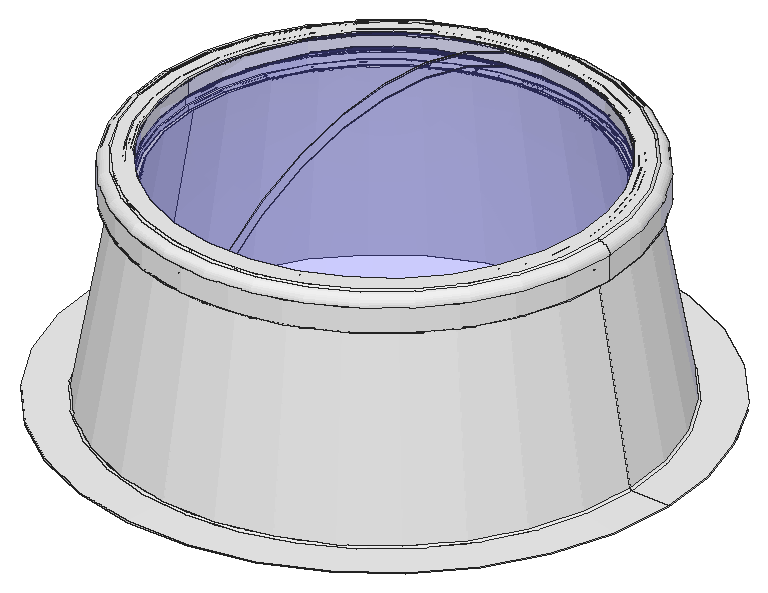
Revit family "Windows_Roof-Windows_Lamilux_F100_Round-Rooflight-Dome", category Windows, host Roof, Revit 2014
Parameters (values of type "120x50")
  Youtube clip = ""
  Width = 1200 mm
  Weight Net (Kg) = 0
  Uniformat II Description = ""
  Uniformat II Code = ""
  Uniclass 2015 Name = "Glass unit masonry roof light systems"
  Uniclass 2015 Code = "Ss_30_30_34"
  Uniclass 2.0 Description = "Roof Light Systems"
  Uniclass 2.0 Code = "SS-20-30-74"
  Uniclass 1.4 Description = "Rooflights/Roof windows"
  Uniclass 1.4 Code = "JL11"
  UNSPSC Code = "301516"
  Technical description = ""
  Sound insulation (dB) [instance] = "24"  # constant formula
  Rough Height = Height  # 500 mm
  Region South America = "All"
  Region Oceania = "All"
  Region North America = "All"
  Region Middle East = "All"
  Region Europe = "All"
  Region Asia = "All"
  Region Antarctica = "All"
  Region Africa = "All"
  QR code = "http://bimobject.com/lamilux/product/Lamilux_F100_round_rooflight_dome"
  Product url = "http://www.lamilux.com/daylight-systems/daylight-elements.html"
  Product group = "Flat roof window"
  Product family = "Daylight element"
  Product data url = "https://bimobject.com/lamilux/product/Lamilux_F100_round_rooflight_dome"
  Product certification = ""
  Product SKU = "Lamilux_F100_round_rooflight_dome"
  Product Guid = "27e34379-d33d-40e5-a061-853b4fca5549"
  Option 9 = Material : SAN + PC16
  Option 8 = Material : PETG
  Option 7 = Material : SAN
  Option 6 = External Glazing : Heatstop
  Option 5 = External Glazing : Opal
  Option 4 = External Glazing : Clear
  Option 17 = Mid Glazing : None
  Option 16 = Mid Glazing : Opal
  Option 15 = Internal Glazing : PC16 opal
  Option 14 = Internal Glazing : PC16 clear
  Option 13 = Internal Glazing : Opal
  Option 12 = Internal Glazing : Clear
  Option 11 = Mid Glazing : Clear
  Option 10 = Material : PETG + PC16
  Operator Visibility [instance] = Opening Type = Opening Types Option 1  # no
  Opening Types Option 1 [instance] = Opening Type : Air Opening
  Opening Type [instance] = Opening Type : Fixed
  OmniClass Description = "Skylights "
  OmniClass Code = "23-17 17 00"
  Nominal width = 0
  Nominal height = 0
  NBS Reference Description = "Roof Light Systems"
  NBS Reference Code = "20-30-74"
  Mid glazing [instance] = Mid Glazing : None
  Material secondary = "Plastic"
  Material main = "Plastic"
  Material [instance] = Material : SAN
  Masterformat 2014 Description = ""
  Masterformat 2014 Code = ""
  Manufacturer name = "LAMILUX"
  Manufacturer country = "Germany"
  Light transmission (%) [instance] = if(and(Glass Type = Option 1, Material = Option 7, External glazing = Option 5, Mid glazing = Option 17, Internal glazing = Option 13), "70", if(and(Glass Type = Option 1, Material = Option 7, External glazing = Option 5, Mid glazing = Option 17, Internal glazing = Option 12), "78", if(and(Glass Type = Option 1, Material = Option 7, External glazing = Option 4, Mid glazing = Option 17, Internal glazing = Option 13), "86", if(and(Glass Type = Option 1, Material = Option 7, External glazing = Option 6, Mid glazing = Option 17, Internal glazing = Option 13), "49", if(and(Glass Type = Option 1, Material = Option 7, External glazing = Option 6, Mid glazing = Option 17, Internal glazing = Option 12), "54", if(and(Glass Type = Option 1, Material = Option 8, External glazing = Option 5, Mid glazing = Option 17, Internal glazing = Option 13), "56", if(and(Glass Type = Option 1, Material = Option 8, External glazing = Option 5, Mid glazing = Option 17, Internal glazing = Option 12), "66", if(and(Glass Type = Option 1, Material = Option 8, External glazing = Option 4, Mid glazing = Option 17, Internal glazing = Option 12), "77", if(and(Glass Type = Option 2, Material = Option 7, External glazing = Option 5, Mid glazing = Option 16, Internal glazing = Option 13), "59", if(and(Glass Type = Option 2, Material = Option 7, External glazing = Option 5, Mid glazing = Option 11, Internal glazing = Option 13), "66", if(and(Glass Type = Option 2, Material = Option 7, External glazing = Option 5, Mid glazing = Option 11, Internal glazing = Option 12), "73", if(and(Glass Type = Option 2, Material = Option 7, External glazing = Option 4, Mid glazing = Option 11, Internal glazing = Option 12), "80", if(and(Glass Type = Option 2, Material = Option 7, External glazing = Option 6, Mid glazing = Option 16, Internal glazing = Option 13), "41", if(and(Glass Type = Option 2, Material = Option 7, External glazing = Option 6, Mid glazing = Option 11, Internal glazing = Option 13), "45", if(and(Glass Type = Option 2, Material = Option 7, External glazing = Option 6, Mid glazing = Option 11, Internal glazing = Option 12), "50", if(and(Glass Type = Option 2, Material = Option 8, External glazing = Option 5, Mid glazing = Option 16, Internal glazing = Option 13), "42", if(and(Glass Type = Option 2, Material = Option 8, External glazing = Option 5, Mid glazing = Option 11, Internal glazing = Option 13), "50", if(and(Glass Type = Option 2, Material = Option 8, External glazing = Option 5, Mid glazing = Option 11, Internal glazing = Option 12), "58", if(and(Glass Type = Option 2, Material = Option 8, External glazing = Option 4, Mid glazing = Option 11, Internal glazing = Option 12), "68", if(and(Glass Type = Option 3, Material = Option 9, External glazing = Option 5, Mid glazing = Option 11, Internal glazing = Option 15), "39", if(and(Glass Type = Option 3, Material = Option 9, External glazing = Option 4, Mid glazing = Option 11, Internal glazing = Option 14), "53", if(and(Glass Type = Option 3, Material = Option 9, External glazing = Option 5, Mid glazing = Option 11, Internal glazing = Option 14), "50", if(and(Glass Type = Option 3, Material = Option 10, External glazing = Option 5, Mid glazing = Option 11, Internal glazing = Option 15), "32", if(and(Glass Type = Option 3, Material = Option 10, External glazing = Option 4, Mid glazing = Option 11, Internal glazing = Option 14), "45", if(and(Glass Type = Option 3, Material = Option 10, External glazing = Option 5, Mid glazing = Option 11, Internal glazing = Option 14), "39", "Not available")))))))))))))))))))))))))  # "78"
  Internal glazing [instance] = Internal Glazing : Clear
  Installation instructions = ""
  IFC Classification = "Window"
  Heat transmission (W/m²K]) [instance] = if(and(Glass Type = Option 1, Material = Option 7, External glazing = Option 5, Mid glazing = Option 17, Internal glazing = Option 13), "2.3", if(and(Glass Type = Option 1, Material = Option 7, External glazing = Option 5, Mid glazing = Option 17, Internal glazing = Option 12), "2.3", if(and(Glass Type = Option 1, Material = Option 7, External glazing = Option 4, Mid glazing = Option 17, Internal glazing = Option 13), "2.3", if(and(Glass Type = Option 1, Material = Option 7, External glazing = Option 6, Mid glazing = Option 17, Internal glazing = Option 13), "2.3", if(and(Glass Type = Option 1, Material = Option 7, External glazing = Option 6, Mid glazing = Option 17, Internal glazing = Option 12), "2.3", if(and(Glass Type = Option 1, Material = Option 8, External glazing = Option 5, Mid glazing = Option 17, Internal glazing = Option 13), "2.3", if(and(Glass Type = Option 1, Material = Option 8, External glazing = Option 5, Mid glazing = Option 17, Internal glazing = Option 12), "2.3", if(and(Glass Type = Option 1, Material = Option 8, External glazing = Option 4, Mid glazing = Option 17, Internal glazing = Option 12), "2.3", if(and(Glass Type = Option 2, Material = Option 7, External glazing = Option 5, Mid glazing = Option 16, Internal glazing = Option 13), "1.6", if(and(Glass Type = Option 2, Material = Option 7, External glazing = Option 5, Mid glazing = Option 11, Internal glazing = Option 13), "1.6", if(and(Glass Type = Option 2, Material = Option 7, External glazing = Option 5, Mid glazing = Option 11, Internal glazing = Option 12), "1.6", if(and(Glass Type = Option 2, Material = Option 7, External glazing = Option 4, Mid glazing = Option 11, Internal glazing = Option 12), "1.6", if(and(Glass Type = Option 2, Material = Option 7, External glazing = Option 6, Mid glazing = Option 16, Internal glazing = Option 13), "1.6", if(and(Glass Type = Option 2, Material = Option 7, External glazing = Option 6, Mid glazing = Option 11, Internal glazing = Option 13), "1.6", if(and(Glass Type = Option 2, Material = Option 7, External glazing = Option 6, Mid glazing = Option 11, Internal glazing = Option 12), "1.6", if(and(Glass Type = Option 2, Material = Option 8, External glazing = Option 5, Mid glazing = Option 16, Internal glazing = Option 13), "1.4", if(and(Glass Type = Option 2, Material = Option 8, External glazing = Option 5, Mid glazing = Option 11, Internal glazing = Option 13), "1.4", if(and(Glass Type = Option 2, Material = Option 8, External glazing = Option 5, Mid glazing = Option 11, Internal glazing = Option 12), "1.4", if(and(Glass Type = Option 2, Material = Option 8, External glazing = Option 4, Mid glazing = Option 11, Internal glazing = Option 12), "1.4", if(and(Glass Type = Option 3, Material = Option 9, External glazing = Option 5, Mid glazing = Option 11, Internal glazing = Option 15), "1.2", if(and(Glass Type = Option 3, Material = Option 9, External glazing = Option 4, Mid glazing = Option 11, Internal glazing = Option 14), "1.2", if(and(Glass Type = Option 3, Material = Option 9, External glazing = Option 5, Mid glazing = Option 11, Internal glazing = Option 14), "1.2", if(and(Glass Type = Option 3, Material = Option 10, External glazing = Option 5, Mid glazing = Option 11, Internal glazing = Option 15), "1.3", if(and(Glass Type = Option 3, Material = Option 10, External glazing = Option 4, Mid glazing = Option 11, Internal glazing = Option 14), "1.3", if(and(Glass Type = Option 3, Material = Option 10, External glazing = Option 5, Mid glazing = Option 11, Internal glazing = Option 14), "1.3", "Not available")))))))))))))))))))))))))  # "2.3"
  External glazing [instance] = External Glazing : Opal
  Energy transmission (%) [instance] = if(and(Glass Type = Option 1, Material = Option 7, External glazing = Option 5, Mid glazing = Option 17, Internal glazing = Option 13), "70", if(and(Glass Type = Option 1, Material = Option 7, External glazing = Option 5, Mid glazing = Option 17, Internal glazing = Option 12), "78", if(and(Glass Type = Option 1, Material = Option 7, External glazing = Option 4, Mid glazing = Option 17, Internal glazing = Option 13), "86", if(and(Glass Type = Option 1, Material = Option 7, External glazing = Option 6, Mid glazing = Option 17, Internal glazing = Option 13), "37", if(and(Glass Type = Option 1, Material = Option 7, External glazing = Option 6, Mid glazing = Option 17, Internal glazing = Option 12), "41", if(and(Glass Type = Option 1, Material = Option 8, External glazing = Option 5, Mid glazing = Option 17, Internal glazing = Option 13), "56", if(and(Glass Type = Option 1, Material = Option 8, External glazing = Option 5, Mid glazing = Option 17, Internal glazing = Option 12), "66", if(and(Glass Type = Option 1, Material = Option 8, External glazing = Option 4, Mid glazing = Option 17, Internal glazing = Option 12), "77", if(and(Glass Type = Option 2, Material = Option 7, External glazing = Option 5, Mid glazing = Option 16, Internal glazing = Option 13), "59", if(and(Glass Type = Option 2, Material = Option 7, External glazing = Option 5, Mid glazing = Option 11, Internal glazing = Option 13), "66", if(and(Glass Type = Option 2, Material = Option 7, External glazing = Option 5, Mid glazing = Option 11, Internal glazing = Option 12), "73", if(and(Glass Type = Option 2, Material = Option 7, External glazing = Option 4, Mid glazing = Option 11, Internal glazing = Option 12), "80", if(and(Glass Type = Option 2, Material = Option 7, External glazing = Option 6, Mid glazing = Option 16, Internal glazing = Option 13), "31", if(and(Glass Type = Option 2, Material = Option 7, External glazing = Option 6, Mid glazing = Option 11, Internal glazing = Option 13), "34", if(and(Glass Type = Option 2, Material = Option 7, External glazing = Option 6, Mid glazing = Option 11, Internal glazing = Option 12), "38", if(and(Glass Type = Option 2, Material = Option 8, External glazing = Option 5, Mid glazing = Option 16, Internal glazing = Option 13), "42", if(and(Glass Type = Option 2, Material = Option 8, External glazing = Option 5, Mid glazing = Option 11, Internal glazing = Option 13), "50", if(and(Glass Type = Option 2, Material = Option 8, External glazing = Option 5, Mid glazing = Option 11, Internal glazing = Option 12), "58", if(and(Glass Type = Option 2, Material = Option 8, External glazing = Option 4, Mid glazing = Option 11, Internal glazing = Option 12), "68", if(and(Glass Type = Option 3, Material = Option 9, External glazing = Option 5, Mid glazing = Option 11, Internal glazing = Option 15), "39", if(and(Glass Type = Option 3, Material = Option 9, External glazing = Option 4, Mid glazing = Option 11, Internal glazing = Option 14), "53", if(and(Glass Type = Option 3, Material = Option 9, External glazing = Option 5, Mid glazing = Option 11, Internal glazing = Option 14), "50", if(and(Glass Type = Option 3, Material = Option 10, External glazing = Option 5, Mid glazing = Option 11, Internal glazing = Option 15), "33", if(and(Glass Type = Option 3, Material = Option 10, External glazing = Option 4, Mid glazing = Option 11, Internal glazing = Option 14), "44", if(and(Glass Type = Option 3, Material = Option 10, External glazing = Option 5, Mid glazing = Option 11, Internal glazing = Option 14), "38", "Not available")))))))))))))))))))))))))  # "78"
  Edition number = 1
  EAN code = ""
  Single Operator [instance] = and(Operator Visibility, Width < 1500 mm)  # no
  Secondary Material = Lamilux- Glass
  Option 3 = Glazing : Double glazing+PC16
  Option 2 = Glazing : Triple glazing
  Option 1 = Glazing : Double glazing
  Opening types = "Ventilable, fixed"
  Main Material = Lamilux-White
  Internal Radius = Width / 2  # 600 mm
  Height = 500 mm
  Glass Type [instance] = Glazing : Double glazing
  Double Operator [instance] = and(Operator Visibility, Width > 1499.9 mm)  # no
  Design country = "Germany"
  Date of publishing = ""
  COBIe Type Category = ""
  Building material class [instance] = if(and(Glass Type = Option 1, Material = Option 7, External glazing = Option 5, Mid glazing = Option 17, Internal glazing = Option 13), "B2", if(and(Glass Type = Option 1, Material = Option 7, External glazing = Option 5, Mid glazing = Option 17, Internal glazing = Option 12), "B2", if(and(Glass Type = Option 1, Material = Option 7, External glazing = Option 4, Mid glazing = Option 17, Internal glazing = Option 13), "B2", if(and(Glass Type = Option 1, Material = Option 7, External glazing = Option 6, Mid glazing = Option 17, Internal glazing = Option 13), "B2", if(and(Glass Type = Option 1, Material = Option 7, External glazing = Option 6, Mid glazing = Option 17, Internal glazing = Option 12), "B2", if(and(Glass Type = Option 1, Material = Option 8, External glazing = Option 5, Mid glazing = Option 17, Internal glazing = Option 13), "B1/ B2", if(and(Glass Type = Option 1, Material = Option 8, External glazing = Option 5, Mid glazing = Option 17, Internal glazing = Option 12), "B1", if(and(Glass Type = Option 1, Material = Option 8, External glazing = Option 4, Mid glazing = Option 17, Internal glazing = Option 12), "B1", if(and(Glass Type = Option 2, Material = Option 7, External glazing = Option 5, Mid glazing = Option 16, Internal glazing = Option 13), "B2", if(and(Glass Type = Option 2, Material = Option 7, External glazing = Option 5, Mid glazing = Option 11, Internal glazing = Option 13), "B2", if(and(Glass Type = Option 2, Material = Option 7, External glazing = Option 5, Mid glazing = Option 11, Internal glazing = Option 12), "B2", if(and(Glass Type = Option 2, Material = Option 7, External glazing = Option 4, Mid glazing = Option 11, Internal glazing = Option 12), "B2", if(and(Glass Type = Option 2, Material = Option 7, External glazing = Option 6, Mid glazing = Option 16, Internal glazing = Option 13), "B2", if(and(Glass Type = Option 2, Material = Option 7, External glazing = Option 6, Mid glazing = Option 11, Internal glazing = Option 13), "B2", if(and(Glass Type = Option 2, Material = Option 7, External glazing = Option 6, Mid glazing = Option 11, Internal glazing = Option 12), "B2", if(and(Glass Type = Option 2, Material = Option 8, External glazing = Option 5, Mid glazing = Option 16, Internal glazing = Option 13), "B1/ B2", if(and(Glass Type = Option 2, Material = Option 8, External glazing = Option 5, Mid glazing = Option 11, Internal glazing = Option 13), "B1/ B2", if(and(Glass Type = Option 2, Material = Option 8, External glazing = Option 5, Mid glazing = Option 11, Internal glazing = Option 12), "B1/ B2", if(and(Glass Type = Option 2, Material = Option 8, External glazing = Option 4, Mid glazing = Option 11, Internal glazing = Option 12), "B1/ B2", if(and(Glass Type = Option 3, Material = Option 9, External glazing = Option 5, Mid glazing = Option 11, Internal glazing = Option 15), "B2", if(and(Glass Type = Option 3, Material = Option 9, External glazing = Option 4, Mid glazing = Option 11, Internal glazing = Option 14), "B2", if(and(Glass Type = Option 3, Material = Option 9, External glazing = Option 5, Mid glazing = Option 11, Internal glazing = Option 14), "B2", if(and(Glass Type = Option 3, Material = Option 10, External glazing = Option 5, Mid glazing = Option 11, Internal glazing = Option 15), "B2", if(and(Glass Type = Option 3, Material = Option 10, External glazing = Option 4, Mid glazing = Option 11, Internal glazing = Option 14), "B2", if(and(Glass Type = Option 3, Material = Option 10, External glazing = Option 5, Mid glazing = Option 11, Internal glazing = Option 14), "B2", "Not available")))))))))))))))))))))))))  # "B2"
  Brand url = "http://www.lamilux.com"
  BIMobject category = "Roof Windows"
  Analytic Construction = "<None>"
Types (21, lengths in mm): name | Width | Rough Height | Internal Radius | Height
  180x70 | 1800 | 700 | 900 | 700
  180x30 | 1800 | 300 | 900 | 300
  180x50 | 1800 | 500 | 900 | 500
  150x30 | 1500 | 300 | 750 | 300
  150x50 | 1500 | 500 | 750 | 500
  150x70 | 1500 | 700 | 750 | 700
  120x30 | 1200 | 300 | 600 | 300
  120x50 | 1200 | 500 | 600 | 500
  120x70 | 1200 | 700 | 600 | 700
  100x30 | 1000 | 300 | 500 | 300
  100x50 | 1000 | 500 | 500 | 500
  100x70 | 1000 | 700 | 500 | 700
  90x30 | 900 | 300 | 450 | 300
  90x50 | 900 | 500 | 450 | 500
  90x70 | 900 | 700 | 450 | 700
  80x30 | 800 | 300 | 400 | 300
  80x50 | 800 | 500 | 400 | 500
  80x70 | 800 | 700 | 400 | 700
  60x30 | 600 | 300 | 300 | 300
  60x50 | 600 | 500 | 300 | 500
  60x70 | 600 | 700 | 300 | 700
Reference planes
  plane 1 "Center (Front/Back)": y = 0
  plane 2 "Roof": z = 4000
  plane 3 "Center (Left/Right)": x = 0
  plane 4: z = 4652.4
  plane 5: x = -600
  plane 6: x = 240
Forms (mm)
  Extrusion 1, void
    sketch origin (0, 0, 4000) x (1, 0, 0) y (0, 1, 0)
      loop
        circle (0, 0) r 600
    from -341.943 to 723.64
Dimensions and locks
  equal spacing: host sketch curve, plane 3 "Center (Left/Right)", host sketch curve
  equal spacing: host sketch curve, plane 1 "Center (Front/Back)", host sketch curve
  "Height": plane 4 to host roof
  "Internal Radius": nested 3 to plane 3 "Center (Left/Right)"
  "Internal Radius": plane 3 "Center (Left/Right)" to nested 4
  "Internal Radius": plane 5 to plane 3 "Center (Left/Right)"
  "Internal Radius": radius of Extrusion 1 sketch curve
  aligned and locked: level to plane 2 "Roof"
  aligned and locked: host roof to nested 1
  aligned and locked: nested 3 to nested 1
  aligned and locked: nested 1 to nested 4
  aligned and locked: nested 1 to nested 2
  aligned and locked: plane 5 to nested 2
Automatic sketch dimensions
  plane 1 "Center (Front/Back)" to Extrusion 1 sketch curve = 0 mm
  Extrusion 1 sketch curve to plane 3 "Center (Left/Right)" = 0 mm
Nested families
  nested 1: "Window" at (0, 0, 4152.4), type "Window"
    with Outside radius Glass Outside 898 mm, Outside radius Glass Internal 870 mm, Internal Radius 600 mm, Inside Radius Glass Outside 895 mm, Inside Radius Glass Internal 867 mm, Height 500 mm, Glass Radius Up 540 mm, Glass Radius Down 539 mm, Coarse Radius 654 mm
  nested 2: "Operator" at (-600, 0, 4152.4), visible <- "Single Operator", type "Operator", detail levels fine
    with Operator hand angle 81.20°, Height 500 mm, H500 yes, H300 no, Angle 79.80°
  nested 3: "Operator" at (-522.861, 294.332, 4152.4) x (0.8746, -0.4848, 0) z (0, 0, 1), visible <- "Double Operator", type "Operator", detail levels fine
    with Operator hand angle 81.20°, Height 500 mm, H500 yes, H300 no, Angle 79.80°
  nested 4: "Operator" at (-522.861, -294.332, 4152.4) x (0.8746, 0.4848, 0) z (0, 0, 1), visible <- "Double Operator", type "Operator", detail levels fine
    with Operator hand angle 81.20°, Height 500 mm, H500 yes, H300 no, Angle 79.80°
Definition of nested family "Window"
  Parameters (values of type "Window")
    Secondary Material = Lamilux- Glass
    Outside radius Glass Outside = Outside radius Glass Internal + 28 mm  # 328 mm
    Outside radius Glass Internal = if(Internal Radius = 900 mm, Internal Radius + 750 mm, if(Internal Radius = 750 mm, Internal Radius + 380 mm, if(Internal Radius = 600 mm, Internal Radius + 270 mm, if(Internal Radius = 500 mm, Internal Radius + 110 mm, if(Internal Radius = 450 mm, Internal Radius + 90 mm, if(Internal Radius = 400 mm, Internal Radius + 20 mm, Internal Radius))))))  # 300 mm
    Main Material = Lamilux-White
    Internal Radius = 300 mm
    Inside Radius Glass Outside = Outside radius Glass Outside - 3 mm  # 325 mm
    Inside Radius Glass Internal = Outside radius Glass Internal - 3 mm  # 297 mm
    Height = 700 mm
    Glass Radius Up = Internal Radius - 60 mm  # 240 mm
    Glass Radius Down = Internal Radius - 61 mm  # 239 mm
    Coarse Radius = Internal Radius + 54 mm  # 354 mm
    Analytic Construction = "<None>"
  Reference planes
    plane 1 "Center (Front/Back)": y = 0
    plane 2: z = 0
    plane 3 "Center (Left/Right)": x = 0
    plane 4: z = 700
    plane 5: z = 731.72
    plane 6: z = 770.48
    plane 7: z = 764.48
  Forms (mm)
    Sweep 1, solid, material "Lamilux-White" <- "Main Material", detail levels fine
      path origin (0, 0, 0) x (1, 0, 0) y (0, 1, 0)
        loop
          circle (0, 0) r 300
      profile origin (0, 300, 0) x (0, -1, 0) y (0, 0, 1)
        loop
          line (40, 702.48) -> (49, 702.48) -> (49, 697.198) -> (47.75, 697.198) -> (47.75, 696.313)
          arc (47.75, 696.313) -> (47.896, 695.959) -> (48.25, 695.813) r 0.5
          line (48.25, 695.813) -> (50, 695.813)
          arc (50, 695.813) -> (50.354, 695.959) -> (50.5, 696.313) r 0.5
          line (50.5, 696.313) -> (50.5, 702.48) -> (64.5, 702.48) -> (64.5, 696.313)
          arc (64.5, 696.313) -> (64.646, 695.959) -> (65, 695.813) r 0.5
          line (65, 695.813) -> (66.75, 695.813)
          arc (66.75, 695.813) -> (67.104, 695.959) -> (67.25, 696.313) r 0.5
          line (67.25, 696.313) -> (67.25, 697.198) -> (66, 697.198) -> (66, 702.48) -> (75, 702.48) -> (75, 697.198) -> (73.75, 697.198) -> (73.75, 696.313)
          arc (73.75, 696.313) -> (73.896, 695.959) -> (74.25, 695.813) r 0.5
          line (74.25, 695.813) -> (76.5, 695.813)
          arc (76.5, 695.813) -> (76.854, 695.959) -> (77, 696.313) r 0.5
          line (77, 696.313) -> (77, 707.98) -> (73.5, 707.98) -> (73.5, 705.48) -> (69.471, 705.48) -> (69.471, 725.48) -> (74.358, 725.48) -> (76.962, 727.98) -> (76.962, 729.681) -> (75.958, 729.681) -> (75.958, 730.68) -> (60.962, 730.68) -> (60.962, 729.68) -> (60, 729.68) -> (60, 727.28) -> (52.818, 727.28) -> (55.462, 739.72) -> (55.462, 759.104) -> (56.462, 759.104) -> (56.462, 769.48)
          arc (56.462, 769.48) -> (56.608, 769.833) -> (56.962, 769.98) r 0.5
          line (56.962, 769.98) -> (63.747, 769.98) -> (63.747, 768.98) -> (69.75, 768.98) -> (69.75, 769.98) -> (76.462, 769.98) -> (76.462, 772.984) -> (30.207, 772.984)
          arc (30.207, 772.984) -> (27.203, 772.179) -> (25.005, 769.98) r 6.006
          arc (25.005, 769.98) -> (7.326, 762.657) -> (0.003, 744.978) r 25.002
          line (0.003, 744.978) -> (0.003, 685.48)
          arc (0.003, 685.48) -> (1.502, 683.982) -> (3, 685.48) r 1.498
          line (3, 685.48) -> (3, 702.48) -> (38.5, 702.48) -> (38.5, 696.313)
          arc (38.5, 696.313) -> (38.646, 695.959) -> (39, 695.813) r 0.5
          line (39, 695.813) -> (40.75, 695.813)
          arc (40.75, 695.813) -> (41.104, 695.959) -> (41.25, 696.313) r 0.5
          line (41.25, 696.313) -> (41.25, 697.198) -> (40, 697.198) -> (40, 702.48)
        loop
          line (52.962, 739.803) -> (52.962, 759.604) -> (52.962, 769.98) -> (30.212, 769.98)
          arc (30.212, 769.98) -> (28.712, 769.578) -> (27.614, 768.48) r 3
          arc (27.614, 768.48) -> (26.626, 767.445) -> (25.272, 766.98) r 3.026
          arc (25.272, 766.98) -> (9.54, 760.463) -> (3.023, 744.731) r 22.249
          line (3.023, 744.731) -> (3.023, 705.48) -> (66.5, 705.48) -> (66.5, 727.22) -> (63.5, 727.22) -> (63.5, 724.78) -> (49.769, 724.78) -> (52.962, 739.803)
    Extrusion 2, solid, material "Lamilux-White" <- "Main Material", detail levels coarse
      sketch origin (0, 0, 0) x (1, 0, 0) y (0, 1, 0)
        loop
          circle (0, 0) r 354
      from 0 to 770.48
    Sweep 3, solid, material "Lamilux-White" <- "Main Material", detail levels medium
      path origin (0, 0, 0) x (1, 0, 0) y (0, 1, 0)
        loop
          circle (0, 0) r 300
      profile origin (0, 300, 0) x (0, -1, 0) y (0, 0, 1)
        loop
          line (84.879, 700) -> (82.752, 700) -> (78.563, 689.193)
          arc (78.563, 689.193) -> (76.726, 686.875) -> (73.901, 686) r 5
          line (73.901, 686) -> (33.142, 686)
          arc (33.142, 686) -> (30.158, 685.011) -> (28.353, 682.437) r 5
          line (28.353, 682.437) -> (-54.396, 0) -> (0, 0) -> (84.879, 700)
    Sweep 4, solid, material "Lamilux-White" <- "Main Material", detail levels fine
      path origin (0, 0, 0) x (1, 0, 0) y (0, 1, 0)
        loop
          circle (0, 0) r 240
      profile origin (0, 240, 0) x (0, -1, 0) y (0, 0, 1)
        loop
          line (16.462, 765.98) -> (-1.538, 765.98) -> (-1.538, 733.68) -> (16.462, 733.68) -> (16.462, 765.98)
    Revolve 5, solid, material "Lamilux- Glass" <- "Secondary Material", detail levels fine
      sketch origin (0, 0, 0) x (0, 1, 0) y (0, 0, 1)
        loop
          arc (0, 829.958) -> (121.25, 804.098) -> (221.378, 730.992) r 297
          line (221.378, 730.992) -> (240, 730.992) -> (240, 733.68) -> (222.632, 733.68)
          arc (222.632, 733.68) -> (121.763, 806.558) -> (0, 832.236) r 300
          line (0, 832.236) -> (0, 829.958)
        axis (0, 832.236) -> (0, 730.992)
      angle from 0 to 360
    Revolve 6, solid, material "Lamilux-White" <- "Main Material", detail levels medium
      sketch origin (0, 0, 0) x (0, 1, 0) y (0, 0, 1)
        loop
          line (300, 683.883) -> (300, 745.001)
          arc (300, 745.001) -> (292.682, 762.667) -> (275.016, 769.984) r 24.984
          arc (275.016, 769.984) -> (272.844, 772.141) -> (269.886, 772.929) r 5.941
          line (269.886, 772.929) -> (0, 772.929) -> (0, 683.883) -> (300, 683.883)
        axis (0, 772.929) -> (0, 683.883)
      angle from 0 to 360
    Revolve 7, solid, material "Lamilux- Glass" <- "Secondary Material", detail levels fine
      sketch origin (0, 0, 0) x (0, 1, 0) y (0, 0, 1)
        loop
          arc (221.753, 768.98) -> (121.205, 841.326) -> (0, 866.884) r 300
          line (0, 866.884) -> (0, 864.051)
          arc (0, 864.051) -> (120.721, 838.436) -> (220.62, 765.98) r 297.101
          line (220.62, 765.98) -> (240, 765.98) -> (240, 768.98) -> (221.753, 768.98)
        axis (0, 866.884) -> (0, 765.98)
      angle from 0 to 360
    Revolve 8, solid, material "Lamilux-White" <- "Main Material", detail levels medium
      sketch origin (0, 0, 0) x (0, 1, 0) y (0, 0, 1)
        loop
          arc (221.753, 768.98) -> (121.205, 841.326) -> (0, 866.884) r 300
          line (0, 866.884) -> (0, 864.051)
          arc (0, 864.051) -> (120.721, 838.436) -> (220.62, 765.98) r 297.101
          line (220.62, 765.98) -> (240, 765.98) -> (240, 768.98) -> (221.753, 768.98)
        axis (0, 866.884) -> (0, 765.98)
      angle from 0 to 360
    Sweep 9, solid, material "Lamilux-White" <- "Main Material", detail levels fine
      path origin (0, 0, 0) x (1, 0, 0) y (0, 1, 0)
        loop
          circle (0, 0) r 300
      profile origin (0, 300, 0) x (0, -1, 0) y (0, 0, 1)
        loop
          line (88.595, 700) -> (86.469, 700) -> (83.632, 689.675)
          arc (83.632, 689.675) -> (81.841, 687.024) -> (78.81, 686) r 5
          line (78.81, 686) -> (36.793, 686)
          arc (36.793, 686) -> (33.585, 684.836) -> (31.872, 681.886) r 5
          line (31.872, 681.886) -> (-53.412, 8.047)
          arc (-53.412, 8.047) -> (-55.109, 5.111) -> (-58.287, 3.933) r 5
          line (-58.287, 3.933) -> (-157.875, 3) -> (-157.875, 0) -> (0, 0) -> (88.595, 700)
  Dimensions and locks
    "Height": plane 4 to level
    plane 6 to plane 5 to plane 4 = 38.76 mm, 31.72 mm locked
    locked: plane 6 to plane 7 at 6
    locked: Sweep 1 sketch curve to plane 4 at 2.48
    Sweep 4 sketch curve to plane 4 = 33.68 mm
    locked: Sweep 4 sketch curve to Sweep 4 sketch curve at 32.3
    locked: Sweep 4 sketch curve to Sweep 4 sketch curve at 18
    "Glass Radius Up": Revolve 5 sketch curve to Revolve 5 sketch curve
    plane 4 to Revolve 6 sketch curve = 16.117 mm
    "Internal Radius": Revolve 6 sketch curve to plane 1 "Center (Front/Back)"
    locked: Revolve 6 sketch curve to Revolve 6 sketch curve at 89.046
    locked: plane 4 to Revolve 6 at 16.117  (x2)
    locked: Sweep 4 to Revolve 7 sketch curve at 3
    "Glass Radius Up": Revolve 7 sketch curve to plane 1 "Center (Front/Back)"
    locked: Sweep 4 to Revolve 5 sketch curve at 2.688
    "Glass Radius Up": Revolve 8 sketch curve to plane 1 "Center (Front/Back)"
    locked: Sweep 3 sketch curve to Sweep 3 sketch curve at 54
    locked: Sweep 9 sketch curve to profile plane at 157.875
    locked: Sweep 9 sketch curve to Sweep 9 sketch curve at 54
    locked: Sweep 9 sketch curve to plane 4 at 14
    "Internal Radius": radius of Sweep 1 sketch curve
    "Coarse Radius": radius of Extrusion 2 sketch curve
    "Internal Radius": radius of Sweep 3 sketch curve
    radius of Sweep 3 sketch curve = 5 mm  (x2)
    "Glass Radius Up": radius of Sweep 4 sketch curve
    "Inside Radius Glass Internal": radius of Revolve 5 sketch curve
    "Outside radius Glass Internal": radius of Revolve 5 sketch curve
    "Outside radius Glass Internal": radius of Revolve 7 sketch curve
    "Outside radius Glass Internal": radius of Revolve 8 sketch curve
    "Internal Radius": radius of Sweep 9 sketch curve
    radius of Sweep 9 sketch curve = 5 mm  (x2)
    aligned and locked: level to plane 2
    aligned and locked: plane 6 to Extrusion 2
    aligned and locked: Sweep 3 sketch curve to plane 4
    aligned and locked: Sweep 3 sketch curve to Extrusion 2
    aligned and locked: plane 1 "Center (Front/Back)" to Revolve 5 sketch curve  (x2)
    aligned and locked: plane 1 "Center (Front/Back)" to Revolve 6 sketch curve
    aligned and locked: Revolve 6 sketch curve to plane 1 "Center (Front/Back)"
    aligned and locked: Sweep 4 to Revolve 5 sketch curve
    aligned and locked: Revolve 7 sketch curve to plane 1 "Center (Front/Back)"  (x2)
    aligned and locked: plane 4 to Sweep 9 sketch curve
  Automatic sketch dimensions
    Sweep 1 sketch curve to profile plane = 0.003 mm
    Sweep 1 sketch curve to Sweep 1 sketch curve = 1.498 mm
    Sweep 1 sketch curve to Sweep 1 sketch curve = 0.023 mm
    Sweep 1 sketch curve to profile plane = 24.993 mm
    Sweep 1 sketch curve to Sweep 1 sketch curve = 21.982 mm
    Sweep 1 sketch curve to Sweep 1 sketch curve = 0.267 mm
    Sweep 1 sketch curve to Sweep 1 sketch curve = 5.202 mm
    Sweep 1 sketch curve to Sweep 1 sketch curve = 0.005 mm
    Sweep 1 sketch curve to Sweep 1 sketch curve = 35.5 mm
    Sweep 1 sketch curve to Sweep 1 sketch curve = 0.5 mm  (x10)
    Sweep 1 sketch curve to Sweep 1 sketch curve = 1 mm  (x4)
    Sweep 1 sketch curve to Sweep 1 sketch curve = 0.75 mm  (x4)
    Sweep 1 sketch curve to Sweep 1 sketch curve = 6.5 mm  (x2)
    Sweep 1 sketch curve to Sweep 1 sketch curve = 0.769 mm
    Sweep 1 sketch curve to Sweep 1 sketch curve = 1.5 mm  (x3)
    Sweep 1 sketch curve to Sweep 1 sketch curve = 3.049 mm
    Sweep 1 sketch curve to Sweep 1 sketch curve = 22.75 mm
    Sweep 1 sketch curve to Sweep 1 sketch curve = 2.5 mm  (x4)
    Sweep 1 sketch curve to Sweep 1 sketch curve = 3.5 mm  (x2)
    Sweep 1 sketch curve to Sweep 1 sketch curve = 7.182 mm
    Sweep 1 sketch curve to Sweep 1 sketch curve = 0.962 mm
    Sweep 1 sketch curve to Sweep 1 sketch curve = 6.785 mm
    Sweep 1 sketch curve to Sweep 1 sketch curve = 14 mm
    Sweep 1 sketch curve to Sweep 1 sketch curve = 3 mm  (x4)
    Sweep 1 sketch curve to Sweep 1 sketch curve = 2.971 mm
    Sweep 1 sketch curve to Sweep 1 sketch curve = 6.003 mm
    Sweep 1 sketch curve to Sweep 1 sketch curve = 4.029 mm
    Sweep 1 sketch curve to Sweep 1 sketch curve = 4.888 mm
    Sweep 1 sketch curve to Sweep 1 sketch curve = 1.599 mm
    Sweep 1 sketch curve to Sweep 1 sketch curve = 6.712 mm
    Sweep 1 sketch curve to Sweep 1 sketch curve = 1.004 mm
    Sweep 1 sketch curve to Sweep 1 sketch curve = 0 mm  (x3)
    Sweep 1 sketch curve to Sweep 1 sketch curve = 5.281 mm  (x4)
    Sweep 1 sketch curve to Sweep 1 sketch curve = 0.886 mm  (x4)
    Sweep 1 sketch curve to Sweep 1 sketch curve = 17 mm
    Sweep 1 sketch curve to Sweep 1 sketch curve = 22.3 mm
    Sweep 1 sketch curve to Sweep 1 sketch curve = 0.7 mm
    Sweep 1 sketch curve to Sweep 1 sketch curve = 2.44 mm
    Sweep 1 sketch curve to Sweep 1 sketch curve = 2.4 mm
    Sweep 1 sketch curve to Sweep 1 sketch curve = 1.702 mm
    Sweep 1 sketch curve to Sweep 1 sketch curve = 9.123 mm
    Sweep 1 sketch curve to Sweep 1 sketch curve = 39.251 mm
    Sweep 1 sketch curve to Sweep 1 sketch curve = 0.247 mm
    Sweep 1 sketch curve to Sweep 1 sketch curve = 19.301 mm
    Sweep 1 sketch curve to Sweep 1 sketch curve = 0.001 mm  (x2)
    Sweep 1 sketch curve to Sweep 1 sketch curve = 9.876 mm
    Sweep 1 sketch curve to Sweep 1 sketch curve = 0.013 mm
    Sweep 1 sketch curve to Sweep 1 sketch curve = 0.083 mm
    Sweep 3 sketch curve to profile plane = 0 mm
    Sweep 3 sketch curve to Sweep 3 sketch curve = 4.789 mm
    Sweep 3 sketch curve to Sweep 3 sketch curve = 10.978 mm
    Sweep 3 sketch curve to Sweep 3 sketch curve = 4.662 mm
    Sweep 3 sketch curve to Sweep 3 sketch curve = 2.126 mm
    profile plane to Sweep 4 sketch curve = 1.538 mm
    Sweep 3 sketch curve to profile plane = 28.353 mm
    Sweep 3 sketch curve to Sweep 3 sketch curve = 19 mm
    Sweep 9 sketch curve to level = 0 mm
    level to Sweep 9 sketch curve = 8.933 mm
    level to Sweep 9 sketch curve = 3.933 mm
    Sweep 9 sketch curve to Sweep 9 sketch curve = 0.046 mm
    level to Sweep 9 sketch curve = 8.047 mm
    Sweep 9 sketch curve to profile plane = 31.872 mm
    Sweep 9 sketch curve to Sweep 9 sketch curve = 9.785 mm
    Sweep 9 sketch curve to Sweep 9 sketch curve = 4.821 mm
    Sweep 9 sketch curve to Sweep 9 sketch curve = 2.126 mm
    level to Sweep 9 sketch curve = 3 mm
    Sweep 9 sketch curve to Sweep 9 sketch curve = 0.886 mm
    profile plane to Sweep 9 sketch curve = 58.333 mm
    plane 1 "Center (Front/Back)" to Sweep 1 sketch curve = 0 mm
    Sweep 1 sketch curve to plane 3 "Center (Left/Right)" = 0 mm
    plane 1 "Center (Front/Back)" to Extrusion 2 sketch curve = 0 mm
    Extrusion 2 sketch curve to plane 3 "Center (Left/Right)" = 0 mm
    plane 1 "Center (Front/Back)" to Sweep 3 sketch curve = 0 mm
    Sweep 3 sketch curve to plane 3 "Center (Left/Right)" = 0 mm
    plane 1 "Center (Front/Back)" to Sweep 4 sketch curve = 0 mm
    Sweep 4 sketch curve to plane 3 "Center (Left/Right)" = 0 mm
    Revolve 5 sketch curve to plane 1 "Center (Front/Back)" = 0 mm
    Revolve 5 sketch curve to plane 1 "Center (Front/Back)" = 0.038 mm
    Revolve 5 sketch curve to plane 1 "Center (Front/Back)" = 0.325 mm
    Revolve 5 sketch curve to Revolve 5 sketch curve = 18.622 mm
    Revolve 5 sketch curve to Revolve 5 sketch curve = 1.253 mm
    Revolve 5 sketch curve to level = 1.486 mm
    Revolve 5 sketch curve to Revolve 5 sketch curve = 1853.55 mm
    plane 7 to Revolve 6 sketch curve = 2.508 mm
    Revolve 6 sketch curve to Revolve 6 sketch curve = 30.114 mm
    plane 5 to Revolve 6 sketch curve = 13.281 mm
    Revolve 6 sketch curve to level = 520.992 mm
    Revolve 6 sketch curve to Revolve 6 sketch curve = 2368.545 mm
    Revolve 7 sketch curve to plane 1 "Center (Front/Back)" = 0.038 mm  (x2)
    plane 7 to Revolve 7 sketch curve = 1.5 mm
    Revolve 7 sketch curve to Revolve 7 sketch curve = 19.38 mm
    Revolve 7 sketch curve to Revolve 7 sketch curve = 1.133 mm
    Revolve 7 sketch curve to Revolve 7 sketch curve = 0.066 mm
    Revolve 7 sketch curve to Revolve 7 sketch curve = 6.979 mm
    Revolve 7 sketch curve to Revolve 7 sketch curve = 2223.052 mm
    Revolve 8 sketch curve to plane 1 "Center (Front/Back)" = 0 mm  (x2)
    Revolve 8 sketch curve to plane 1 "Center (Front/Back)" = 0.038 mm  (x2)
    plane 7 to Revolve 8 sketch curve = 1.5 mm
    Revolve 8 sketch curve to Revolve 8 sketch curve = 19.38 mm
    Revolve 8 sketch curve to plane 6 = 1.5 mm
    Revolve 8 sketch curve to Revolve 8 sketch curve = 1.133 mm
    Revolve 8 sketch curve to Revolve 8 sketch curve = 0.066 mm
    Revolve 8 sketch curve to Revolve 8 sketch curve = 6.979 mm
    Revolve 8 sketch curve to Revolve 8 sketch curve = 2223.052 mm
    plane 1 "Center (Front/Back)" to Sweep 9 sketch curve = 0 mm
    Sweep 9 sketch curve to plane 3 "Center (Left/Right)" = 0 mm
Definition of nested family "Operator"
  Parameters (values of type "Operator")
    Operator hand angle = if(Height = 300 mm, 73.64°, if(Height = 500 mm, 81.20°, 84.31°))  # 73.64°
    Main Material = none
    Height = 300 mm
    H700 = Height = 700 mm  # no
    H500 = Height = 500 mm  # no
    H300 = Height = 300 mm  # yes
    Angle = if(Height = 300 mm, 72.57°, if(Height = 500 mm, 79.80°, 82.67°))  # 72.57°
  Reference planes
    plane 1 "Center (Front/Back)": y = 0
    plane 2: z = 0
    plane 3 "Center (Left/Right)": x = 0
    plane 4: z = 300
    plane 5: z = 283.02
    plane 6: x = 106
  Forms (mm)
    Extrusion 1, solid, material <- "Main Material"
      sketch origin (0, 0, 0) x (0, 1, 0) y (0, 0, 1)
        loop
          line (4, 278.02) -> (10, 278.02) -> (10, 298.02) -> (25, 298.02) -> (25, 309.02) -> (-25, 309.02) -> (-25, 298.02) -> (-10, 298.02) -> (-10, 278.02) -> (-4, 278.02) -> (-4, 296.52) -> (4, 296.52) -> (4, 278.02)
      from 98 to 114
    Extrusion 2, solid, material <- "Main Material"
      sketch origin (0, 0, 0) x (0, 1, 0) y (0, 0, 1)
        loop
          line (47.436, 325.02) -> (-47.436, 325.02) -> (-47.436, 305.48) -> (-32.206, 305.48) -> (-32.206, 309.02) -> (32.206, 309.02) -> (32.206, 305.48) -> (47.436, 305.48) -> (47.436, 325.02)
      from 67.785 to 98
    Extrusion 3, solid, material <- "Main Material"
      sketch origin (49.478, 0, -2.031) x (1, 0, 0) y (0, 0, 1)
        loop
          circle (56.541, 285.14) r 2.5
      from -12 to 12.22
    Revolve 4, solid, material <- "Main Material"
      sketch origin (106, 0, 283.02) x (0.281672, 0, -0.959511) y (0.959511, 0, 0.281672)
        loop
          line (41.268, 17.5) -> (41.268, 11) -> (38.268, 9) -> (36.118, 9) -> (35.268, 7.5) -> (34.036, 7.5) -> (34.036, 8.7) -> (32.724, 10.972) -> (30.818, 10.972) -> (29.506, 8.7) -> (29.506, 7.5) -> (16.268, 7.5) -> (16.268, 5.8) -> (15.863, 6.5) -> (12.672, 6.5) -> (12.268, 5.8) -> (12.268, 4) -> (6.601, 4) -> (5.958, 3.55) -> (-6.335, 3.55)
          arc (-6.335, 3.55) -> (-7.042, 1.837) -> (-7.287, 0) r 7.174
          line (-7.287, 0) -> (586.03, 0) -> (586.03, 17.5) -> (41.268, 17.5)
        axis (-7.287, 0) -> (586.03, 0)
      angle from 0 to 360
    Sweep 5, solid, material <- "Main Material"
      path origin (106, 0, 283.02) x (0.281672, 0, -0.959511) y (0.959511, 0, 0.281672)
        loop
          line (41.268, 0) -> (586.03, 0)
      profile origin (194.346, 0, -17.929) x (0.959511, 0, 0.281672) y (0, -1, 0)
        loop
          line (-21.752, -19.339) -> (-19.776, -19.339) -> (-19.776, -17.812) -> (-13.109, -17.812) -> (-13.109, -19.339) -> (-11.752, -19.339) -> (-11.752, 19.339) -> (-13.109, 19.339) -> (-13.109, 17.812) -> (-19.776, 17.812) -> (-19.776, 19.339) -> (-21.752, 19.339) -> (-21.752, -19.339)
  Cuts and joins
    joined: Revolve 4, Sweep 5
  Lines and regions (mm)
    reference lines
      curve 1: line (0, 0, 0) -> (142.282, 0, 453.19)
      curve 2: line (106, 0, 283.02) -> (182.051, 0, 23.952)
  Dimensions and locks
    "Height": plane 4 to level
    locked: plane 4 to plane 5 at 16.98
    locked: plane 6 to plane 3 "Center (Left/Right)" at 106
    "Angle": angle level to curve 1
    "Operator hand angle": angle curve 2 to plane 5
    aligned and locked: level to plane 2
    aligned and locked: plane 2 to curve 1
    aligned and locked: plane 3 "Center (Left/Right)" to curve 1
    aligned and locked: plane 5 to curve 2
    aligned and locked: plane 6 to curve 2
    aligned and locked: Revolve 4 sketch curve to curve 2
    aligned and locked: curve 2 to Sweep 5 sketch curve
  Automatic sketch dimensions
    plane 4 to Extrusion 1 sketch curve = 9.02 mm
    plane 1 "Center (Front/Back)" to Extrusion 1 sketch curve = 25 mm
    Extrusion 1 sketch curve to plane 4 = 1.98 mm  (x2)
    plane 1 "Center (Front/Back)" to Extrusion 1 sketch curve = 10 mm
    plane 1 "Center (Front/Back)" to Extrusion 1 sketch curve = 4 mm
    Extrusion 1 sketch curve to plane 1 "Center (Front/Back)" = 4 mm
    Extrusion 1 sketch curve to Extrusion 1 sketch curve = 6 mm
    Extrusion 1 sketch curve to Extrusion 1 sketch curve = 15 mm
    Extrusion 1 sketch curve to plane 4 = 3.48 mm
    plane 5 to Extrusion 1 sketch curve = 5 mm  (x2)
    plane 1 "Center (Front/Back)" to Extrusion 2 sketch curve = 47.436 mm
    Extrusion 2 sketch curve to Extrusion 2 sketch curve = 15.229 mm  (x2)
    plane 4 to Extrusion 2 sketch curve = 9.02 mm
    Extrusion 2 sketch curve to plane 1 "Center (Front/Back)" = 32.206 mm
    plane 4 to Extrusion 2 sketch curve = 5.48 mm  (x2)
    Extrusion 2 sketch curve to Extrusion 2 sketch curve = 19.54 mm
    plane 6 to Extrusion 3 sketch curve = 0.019 mm
    Extrusion 3 sketch curve to plane 5 = 0.089 mm
    Revolve 4 sketch curve to curve 2 = 0 mm  (x3)
    Revolve 4 sketch curve to curve 2 = 7.287 mm
    Revolve 4 sketch curve to curve 2 = 6.335 mm
    curve 2 to Revolve 4 sketch curve = 0.02 mm
    Revolve 4 sketch curve to curve 2 = 0.112 mm
    Revolve 4 sketch curve to Revolve 4 sketch curve = 6.071 mm
    Revolve 4 sketch curve to Revolve 4 sketch curve = 0.643 mm
    Revolve 4 sketch curve to Revolve 4 sketch curve = 5.667 mm
    Revolve 4 sketch curve to curve 2 = 6.5 mm
    Revolve 4 sketch curve to Revolve 4 sketch curve = 0.404 mm  (x2)
    Revolve 4 sketch curve to Revolve 4 sketch curve = 3.192 mm
    Revolve 4 sketch curve to Revolve 4 sketch curve = 13.239 mm
    Revolve 4 sketch curve to Revolve 4 sketch curve = 1.312 mm  (x2)
    Revolve 4 sketch curve to curve 2 = 10.972 mm
    Revolve 4 sketch curve to Revolve 4 sketch curve = 1.906 mm
    Revolve 4 sketch curve to Revolve 4 sketch curve = 1.231 mm
    Revolve 4 sketch curve to Revolve 4 sketch curve = 0.851 mm
    Revolve 4 sketch curve to curve 2 = 9 mm
    Revolve 4 sketch curve to Revolve 4 sketch curve = 2.149 mm
    Revolve 4 sketch curve to Revolve 4 sketch curve = 3 mm
    Revolve 4 sketch curve to Revolve 4 sketch curve = 316.03 mm
    Revolve 4 sketch curve to Revolve 4 sketch curve = 0.45 mm
    Revolve 4 sketch curve to Revolve 4 sketch curve = 0.7 mm  (x2)
    Revolve 4 sketch curve to Revolve 4 sketch curve = 1.5 mm
    Revolve 4 sketch curve to Revolve 4 sketch curve = 1 mm
    Revolve 4 sketch curve to Revolve 4 sketch curve = 1.2 mm  (x2)
    Revolve 4 sketch curve to Revolve 4 sketch curve = 2 mm
    Revolve 4 sketch curve to curve 2 = 17.5 mm
    curve 2 to Sweep 5 sketch curve = 41.268 mm
    curve 2 to Sweep 5 sketch curve = 316.03 mm
    profile plane to Sweep 5 sketch curve = 21.752 mm
    Sweep 5 sketch curve to Sweep 5 sketch curve = 1.975 mm  (x2)
    Sweep 5 sketch curve to Sweep 5 sketch curve = 6.667 mm  (x2)
    Sweep 5 sketch curve to Sweep 5 sketch curve = 1.358 mm
    Sweep 5 sketch curve to profile plane = 19.339 mm
    Sweep 5 sketch curve to Sweep 5 sketch curve = 0 mm
    Sweep 5 sketch curve to Sweep 5 sketch curve = 1.527 mm  (x3)
    profile plane to Sweep 5 sketch curve = 17.812 mm
    radius of Extrusion 3 sketch curve = 2.5 mm
  Nested families
    nested 1: "Support" at (129.401, 0, 412.164) x (0, 1, 0) z (0.9541, 0, -0.2995), visible <- "H700", type "Support"
      with Distance 432 mm
    nested 2: "Support" at (99.447, 0, 316.756) x (0, 1, 0) z (0.9541, 0, -0.2995), visible <- "H500", type "Support"
      with Distance 432 mm
    nested 3: "Support" at (69.493, 0, 221.347) x (0, 1, 0) z (0.9541, 0, -0.2995), visible <- "H300", type "Support"
      with Distance 432 mm
  Definition of nested family "Support"
    Parameters (values of type "Family2")
      Main Material = none
      Distance = 338.418 mm
      Default Elevation = 1219.2 mm
    Reference planes
      plane 1 "Center (Front/Back)": y = 0
      plane 2: z = 0
      plane 3 "Center (Left/Right)": x = 0
      plane 4: x = -30
      plane 5: x = 30
    Forms (mm)
      Extrusion 1, solid
        sketch origin (0, 0, 0) x (1, 0, 0) y (0, 1, 0)
          loop
            line (-1219.2, 1219.2) -> (-1219.2, -1219.2) -> (1219.2, -1219.2) -> (1219.2, 1219.2) -> (-1219.2, 1219.2)
        from 0 to -304.8
      Extrusion 2, solid, material <- "Main Material"
        sketch origin (0, 0, 0) x (0, 1, 0) y (0, 0, 1)
          loop
            line (-102, 3) -> (-102, 0) -> (0, 0) -> (0, 3) -> (-15, 3) -> (-15, 98)
            arc (-15, 98) -> (-26.127, 112.491) -> (-43, 105.484) r 15
            line (-43, 105.484) -> (-102, 3)
          loop
            arc (-35, 20) -> (-31.464, 21.464) -> (-30, 25) r 5
            line (-30, 25) -> (-30, 52.81)
            arc (-30, 52.81) -> (-30.949, 55.741) -> (-33.437, 57.559) r 5
            arc (-33.437, 57.559) -> (-37.546, 60.008) -> (-40.226, 63.969) r 10.992
            arc (-40.226, 63.969) -> (-44.511, 67.122) -> (-49.211, 64.631) r 5
            line (-49.211, 64.631) -> (-70.59, 27.495)
            arc (-70.59, 27.495) -> (-70.586, 22.497) -> (-66.257, 20) r 5
            line (-66.257, 20) -> (-35, 20)
          loop
            circle (-30, 83) r 5.8
          loop
            circle (-30, 98) r 5.8
        from -30 to -27
      Extrusion 3, solid, material <- "Main Material"
        sketch origin (0, 0, 0) x (0, 1, 0) y (0, 0, 1)
          loop
            line (-102, 0) -> (0, 0) -> (0, 3) -> (-15, 3) -> (-15, 98)
            arc (-15, 98) -> (-26.127, 112.491) -> (-43, 105.484) r 15
            line (-43, 105.484) -> (-102, 3) -> (-102, 0)
          loop
            arc (-35, 20) -> (-31.464, 21.464) -> (-30, 25) r 5
            line (-30, 25) -> (-30, 52.81)
            arc (-30, 52.81) -> (-30.949, 55.741) -> (-33.437, 57.559) r 5
            arc (-33.437, 57.559) -> (-37.546, 60.008) -> (-40.226, 63.969) r 10.992
            arc (-40.226, 63.969) -> (-44.511, 67.122) -> (-49.211, 64.631) r 5
            line (-49.211, 64.631) -> (-70.59, 27.495)
            arc (-70.59, 27.495) -> (-70.586, 22.497) -> (-66.257, 20) r 5
            line (-66.257, 20) -> (-35, 20)
          loop
            circle (-30, 83) r 5.8
          loop
            circle (-30, 98) r 5.8
        from 27 to 30
      Extrusion 4, solid, material <- "Main Material"
        sketch origin (0, 0, 0) x (0, 1, 0) y (0, 0, 1)
          loop
            line (0, 3) -> (-102, 3) -> (-102, 0) -> (0, 0) -> (0, 3)
        from -30 to 30
      Extrusion 5, solid, material <- "Main Material"
        sketch origin (0, 0, 0) x (0, 1, 0) y (0, 0, 1)
          loop
            line (-36.895, 67.323) -> (-32.862, 61.69) -> (-25.967, 62.367) -> (-23.105, 68.677) -> (-27.138, 74.31) -> (-34.033, 73.633) -> (-36.895, 67.323)
        from 32.5 to 36.963
      Extrusion 6, solid, material <- "Main Material"
        sketch origin (0, 0, 0) x (0, 1, 0) y (0, 0, 1)
          loop
            line (-32.862, 61.69) -> (-25.967, 62.367) -> (-23.105, 68.677) -> (-27.138, 74.31) -> (-34.033, 73.633) -> (-36.895, 67.323) -> (-32.862, 61.69)
        from -36.963 to -32.5
      Extrusion 7, solid, material <- "Main Material"
        sketch origin (0, 0, 0) x (0, 1, 0) y (0, 0, 1)
          loop
            circle (-30, 68) r 2.5
        from -37.5 to 37.5
    Cuts and joins
      joined: Extrusion 2, Extrusion 3, Extrusion 4, Extrusion 5, Extrusion 6, Extrusion 7
    Dimensions and locks
      equal spacing: plane 4, plane 3 "Center (Left/Right)", plane 5
      plane 4 to plane 5 = 60 mm
      aligned and locked: plane 2 to Extrusion 1
      aligned and locked: level to Extrusion 1
    Automatic sketch dimensions
      Extrusion 1 sketch curve to Extrusion 1 sketch curve = 2438.4 mm  (x2)
      Extrusion 2 sketch curve to Extrusion 2 sketch curve = 0 mm  (x5)
      Extrusion 2 sketch curve to level = 0 mm
      Extrusion 2 sketch curve to plane 1 "Center (Front/Back)" = 0 mm
      level to Extrusion 2 sketch curve = 3 mm  (x2)
      plane 1 "Center (Front/Back)" to Extrusion 2 sketch curve = 15 mm
      Extrusion 2 sketch curve to Extrusion 2 sketch curve = 15 mm  (x4)
      Extrusion 2 sketch curve to Extrusion 2 sketch curve = 5 mm  (x2)
      Extrusion 2 sketch curve to Extrusion 2 sketch curve = 13 mm
      Extrusion 2 sketch curve to Extrusion 2 sketch curve = 9.878 mm
      Extrusion 2 sketch curve to Extrusion 2 sketch curve = 4.333 mm  (x2)
      Extrusion 2 sketch curve to Extrusion 2 sketch curve = 31.257 mm
      level to Extrusion 2 sketch curve = 27.495 mm
      level to Extrusion 2 sketch curve = 20 mm
      Extrusion 2 sketch curve to Extrusion 2 sketch curve = 27.81 mm
      Extrusion 2 sketch curve to Extrusion 2 sketch curve = 9.326 mm
      Extrusion 2 sketch curve to Extrusion 2 sketch curve = 2.495 mm
      Extrusion 2 sketch curve to Extrusion 2 sketch curve = 15.19 mm
      Extrusion 2 sketch curve to Extrusion 2 sketch curve = 35.743 mm
      Extrusion 3 sketch curve to Extrusion 3 sketch curve = 0 mm  (x5)
      Extrusion 3 sketch curve to level = 0 mm
      Extrusion 3 sketch curve to plane 1 "Center (Front/Back)" = 0 mm
      level to Extrusion 3 sketch curve = 3 mm  (x2)
      plane 1 "Center (Front/Back)" to Extrusion 3 sketch curve = 15 mm
      plane 1 "Center (Front/Back)" to Extrusion 3 sketch curve = 30 mm
      Extrusion 3 sketch curve to Extrusion 3 sketch curve = 15 mm  (x3)
      Extrusion 3 sketch curve to Extrusion 3 sketch curve = 5 mm  (x2)
      Extrusion 3 sketch curve to Extrusion 3 sketch curve = 13 mm
      Extrusion 3 sketch curve to Extrusion 3 sketch curve = 9.878 mm
      Extrusion 3 sketch curve to Extrusion 3 sketch curve = 4.333 mm  (x2)
      Extrusion 3 sketch curve to Extrusion 3 sketch curve = 31.257 mm
      level to Extrusion 3 sketch curve = 27.495 mm
      Extrusion 3 sketch curve to Extrusion 3 sketch curve = 35.743 mm
      Extrusion 3 sketch curve to Extrusion 3 sketch curve = 7.495 mm
      Extrusion 3 sketch curve to Extrusion 3 sketch curve = 27.81 mm
      Extrusion 3 sketch curve to Extrusion 3 sketch curve = 9.326 mm
      Extrusion 3 sketch curve to Extrusion 3 sketch curve = 2.495 mm
      Extrusion 3 sketch curve to Extrusion 3 sketch curve = 15.19 mm
      Extrusion 4 sketch curve to level = 0 mm
      Extrusion 4 sketch curve to plane 1 "Center (Front/Back)" = 0 mm
      plane 1 "Center (Front/Back)" to Extrusion 4 sketch curve = 102 mm
      level to Extrusion 4 sketch curve = 3 mm
      plane 1 "Center (Front/Back)" to Extrusion 5 sketch curve = 36.895 mm
      Extrusion 5 sketch curve to Extrusion 5 sketch curve = 2.862 mm  (x2)
      Extrusion 5 sketch curve to Extrusion 5 sketch curve = 4.033 mm
      Extrusion 5 sketch curve to Extrusion 5 sketch curve = 6.895 mm  (x2)
      level to Extrusion 5 sketch curve = 61.69 mm
      Extrusion 5 sketch curve to Extrusion 5 sketch curve = 0.677 mm  (x2)
      Extrusion 5 sketch curve to Extrusion 5 sketch curve = 5.633 mm
      Extrusion 5 sketch curve to Extrusion 5 sketch curve = 6.31 mm  (x2)
      plane 1 "Center (Front/Back)" to Extrusion 6 sketch curve = 36.895 mm
      Extrusion 6 sketch curve to Extrusion 6 sketch curve = 2.862 mm  (x2)
      Extrusion 6 sketch curve to Extrusion 6 sketch curve = 4.033 mm
      Extrusion 6 sketch curve to Extrusion 6 sketch curve = 6.895 mm  (x2)
      level to Extrusion 6 sketch curve = 61.69 mm
      Extrusion 6 sketch curve to Extrusion 6 sketch curve = 0.677 mm  (x2)
      Extrusion 6 sketch curve to Extrusion 6 sketch curve = 5.633 mm
      Extrusion 6 sketch curve to Extrusion 6 sketch curve = 6.31 mm  (x2)
      plane 1 "Center (Front/Back)" to Extrusion 7 sketch curve = 30 mm
      level to Extrusion 7 sketch curve = 68 mm
      radius of Extrusion 2 sketch curve = 5.8 mm  (x2)
      radius of Extrusion 3 sketch curve = 5.8 mm  (x2)
      radius of Extrusion 7 sketch curve = 2.5 mm
